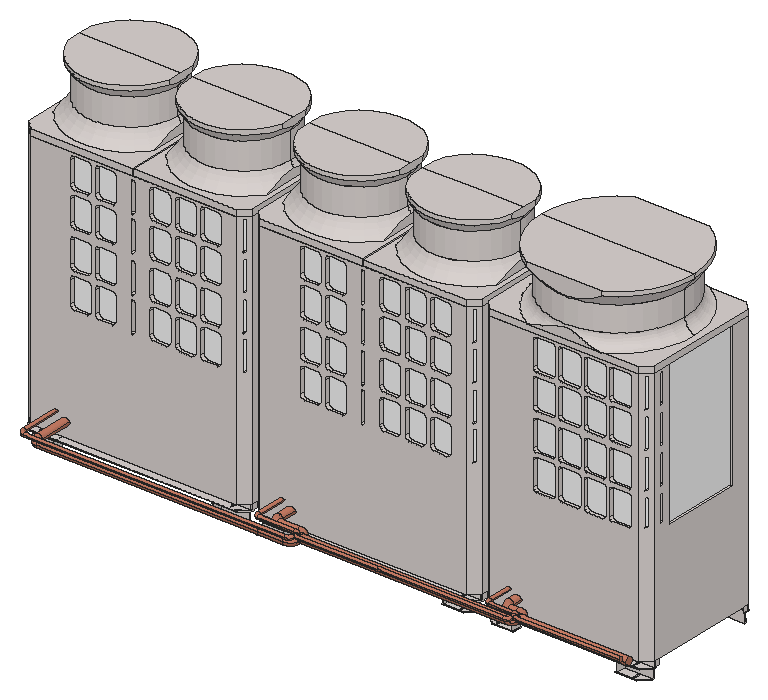
Revit family "PUHY-P950YSNW-A1", category Mechanical Equipment, Revit 2016 (continued)
Definition of nested family "PUHY-P350YNW-A1"
  Dimensions and locks
    Extrusion 20 sketch curve to Extrusion 20 sketch curve = 116.800 mm
    Extrusion 20 sketch curve to Extrusion 20 sketch curve = 170.800 mm
    Extrusion 21 sketch curve to Extrusion 21 sketch curve = 116.800 mm
    Extrusion 21 sketch curve to Extrusion 21 sketch curve = 170.800 mm
    plane 3 "Center (Left/Right)" to cut or joined group 1 (Extrusion 1, Extrusion 2, Extrusion 3, Extrusion 4, Extrusion 5, Extrusion 6, Extrusion 7, Extrusion 8, Extrusion 9, Extrusion 10, Extrusion 11, Extrusion 12, Extrusion 13, Extrusion 14, Extrusion 15, Extrusion 16, Extrusion 17, Extrusion 18, Extrusion 19, Extrusion 20, Extrusion 21, Extrusion 22, Extrusion 23, Extrusion 24, Extrusion 25, Extrusion 26, Extrusion 27, Extrusion 28, Extrusion 29, Extrusion 30, Extrusion 31, Extrusion 32, Extrusion 33) = 620.000 mm
    cut or joined group 1 to plane 3 "Center (Left/Right)" = 620.000 mm
    Extrusion 1 sketch curve to Extrusion 1 sketch curve = 1240.000 mm
    cut or joined group 1 to plane 8 = 185.000 mm
    cut or joined group 1 to plane 7 = 166.000 mm
    cut or joined group 1 to plane 6 = 110.000 mm
    cut or joined group 1 to plane 12 to cut or joined group 1 = 805.000 mm, 621.000 mm
    plane 5 to plane 2 = 1858.000 mm  (x2)
    cut or joined group 1 to plane 19 "132" = 132.000 mm
    cut or joined group 1 to plane 22 = 207.000 mm
    cut or joined group 1 to plane 23 = 256.000 mm
    cut or joined group 1 to plane 6 = 60.000 mm
    cut or joined group 1 to cut or joined group 1 = 42.154 mm
    cut or joined group 1 to cut or joined group 1 = 11.895 mm
    nested 1 to nested 3 to level = 1798.000 mm, 60.000 mm
    nested 1 to nested 1 = 303.000 mm
    nested 1 to nested 3 = 1495.000 mm
    nested 8 to nested 8 to nested 8 to nested 7 to nested 7 to nested 7 = 54.000 mm, 20.000 mm, 592.000 mm, 20.000 mm, 54.000 mm
    nested 3 to nested 3 = 56.000 mm
    plane 11 to plane 31 to plane 32 to cut or joined group 1 = 90.000 mm, 1060.000 mm, 90.000 mm
    curve 103 to nested 7 = 90.000 mm
    curve 104 to nested 7 = 125.000 mm
    curve 101 to nested 7 = 100.000 mm
    curve 11 to curve 13 to nested 7 = 84.000 mm, 71.000 mm
    cut or joined group 1 to curve 12 to curve 14 = 125.000 mm, 148.000 mm
    nested 2 to nested 7 = 1495.000 mm
    curve 87 to cut or joined group 1 = 152.000 mm
    curve 88 to cut or joined group 1 = 172.000 mm
    curve 89 to cut or joined group 1 = 216.000 mm
    cut or joined group 1 to curve 4 to curve 2 = 128.000 mm, 150.000 mm
    cut or joined group 1 to curve 1 to curve 3 = 79.000 mm, 94.000 mm
    Extrusion 32 sketch curve to nested 7 = 116.000 mm
    cut or joined group 1 to Extrusion 32 sketch curve = 160.000 mm
    cut or joined group 1 to Extrusion 33 sketch curve = 243.000 mm
    Extrusion 33 sketch curve to nested 7 = 116.000 mm
    cut or joined group 1 to cut or joined group 1 = 740.000 mm
    plane 30 to plane 4 = 740.000 mm
    aligned and locked: level to plane 2
    aligned and locked: Extrusion 1 to plane 4
  Nested families
    nested 1: "FAN GUARD" at (-311.5, 2, 860), type "FAN GUARD"
      with WIDTH 870.000 mm
    nested 2: "FAN GUARD" at (311.5, 2, 860) x (-1, 0, 0) z (0, 0, 1), type "FAN GUARD"
      with WIDTH 870.000 mm
    nested 3: "ATTACHMENT LEG" at (-524, -349, 0), type "ATTACHMENT LEG"
    nested 4: "ATTACHMENT LEG" at (-524, 349, 0), type "ATTACHMENT LEG"
    nested 5: "ATTACHMENT LEG" at (524, -349, 0) x (-1, 0, 0) z (0, 0, 1), type "ATTACHMENT LEG"
    nested 6: "ATTACHMENT LEG" at (524, 349, 0) x (-1, 0, 0) z (0, 0, 1), type "ATTACHMENT LEG"
    nested 7: "BASE LEG_L_" at (0, -352, 60), type "BASE LEG_L_"
      with Width 1240.000 mm
    nested 8: "BASE LEG_L_" at (0, 352, 60), type "BASE LEG_L_"
      with Width 1240.000 mm
  Connectors
    piping at (-460, -191, 176), diameter 25.4, driven by "Liquid pipe_radius"
      settings: on cut or joined group 1, index 3, connector inside diameter 25.4 mm, connector length 0.000 mm, flow factor 0, pipe flow 0.0 L/s, pressure drop 0.0 Pa, fitting loss kfactor 0, connector angle 0.00°, fixture units 0, engagement length 0.000 mm, angle of deflection 0.00°, flow configuration 0, flow direction 0, fitting loss method 0, system type 22, joint type 0, gender type 0, connector reference index -1, connector utility 0, adjustable connector no, is connector primary yes, connector description "Refrigerant service valve<Liquid pipe>"
    piping at (-377, -191, 176), diameter 28.58, driven by "Gas pipe_radius"
      settings: on cut or joined group 1, index 4, connector inside diameter 28.58 mm, connector length 0.000 mm, flow factor 0, pipe flow 0.0 L/s, pressure drop 0.0 Pa, fitting loss kfactor 0, connector angle 0.00°, fixture units 0, engagement length 0.000 mm, angle of deflection 0.00°, flow configuration 0, flow direction 0, fitting loss method 0, system type 22, joint type 0, gender type 0, connector reference index -1, connector utility 0, adjustable connector no, is connector primary no, connector description "Refrigerant service valve<Gas>"
    electrical at (0, -370, 808)
      settings: on cut or joined group 1, index 5, voltage 0 V, apparent load 0 VA, apparent load phase1 0 VA, apparent load phase2 0 VA, apparent load phase3 0 VA, power factor 1, load classification none, number of poles 1, system type 30, power factor state 1, is connector primary yes, connector utility no, sub classification motor no, connector description ""
  Definition of nested family "FAN GUARD"
    Parameters
      WIDTH [instance] = 870.000 mm
    Reference planes
      plane 1 "中心(正面/背面)": y = -2
      plane 2: z = 0
      plane 3 "ファンガード基準面": z = 661
      plane 4: y = 368
      plane 5: x = 366
      plane 6: x = -375
      plane 7 "ファンガード基準上面": z = 695
      plane 8 "ファンガード上面": z = 998
      plane 9: x = -273.971
      plane 10: x = 308.5
      plane 11: x = -308.5
      plane 12: x = 0
    Forms (mm)
      Extrusion 1, solid
        sketch origin (85, 0, 661) x (-1, 0, 0) y (0, -1, 0)
          loop
            line (343.5, -368) -> (393.5, -318) -> (393.5, 322) -> (343.5, 372) -> (-223.5, 372) -> (-223.5, -368) -> (343.5, -368)
        from 0 to 34
      Revolve 2, solid
        sketch origin (0, -2, 0) x (1, 0, 0) y (0, 0, 1)
          loop
            line (0, 695) -> (0, 998) -> (-290, 998) -> (-290, 972.327) -> (-260, 928.372) -> (-260, 777.384)
            arc (-260, 777.384) -> (-290.651, 730.137) -> (-334.665, 695) r 175.882
            line (-334.665, 695) -> (0, 695)
          axis (0, 998) -> (0, 695)
        angle from 0 to 360
      Extrusion 3, void
        sketch origin (-840, 75, 695) x (-1, 0, 0) y (0, -1, 0)
          loop
            line (-410, -165) -> (-410, 315) -> (-561.253, 315) -> (-561.253, -165) -> (-410, -165)
        from -35 to 430.592
      Extrusion 4, void
        sketch origin (840, 75, 695) x (1, 0, 0) y (0, 1, 0)
          loop
            line (-410, 165) -> (-561.253, 165) -> (-561.253, -315) -> (-410, -315) -> (-410, 165)
        from 0 to 430.592
    Cuts and joins
      Extrusion 3, Extrusion 4 cuts Revolve 2
      Extrusion 4 cuts Extrusion 1
    Lines and regions (mm)
      model lines
        curve 1: line (-278.747, 0, 998) -> (-80, 0, 998)
        curve 2: line (80, 0, 998) -> (278.747, 0, 998)
        curve 3: circle (0, 0, 998) r 80 normal (0, 0, 1)
        curve 4: line (-278.747, -80, 998) -> (278.747, -80, 998)
        curve 5: line (-241.868, -160, 998) -> (241.868, -160, 998)
        curve 6: line (-162.788, -240, 998) -> (162.788, -240, 998)
        curve 7: line (-278.747, 80, 998) -> (278.747, 80, 998)
        curve 8: line (-241.868, 160, 998) -> (240, 160, 998)
        curve 9: line (-160, 240, 998) -> (162.788, 240, 998)
        curve 10: line (0, 290, 998) -> (0, -290, 998)
        curve 11: line (-20, 289.31, 998) -> (-20, -289.31, 998)
        curve 12: line (-40, 287.228, 998) -> (-40, -287.228, 998)
        curve 13: line (-60, 283.725, 998) -> (-60, -283.725, 998)
        curve 14: line (-80, 278.747, 998) -> (-80, -278.747, 998)
        curve 15: line (20, 289.31, 998) -> (20, -289.31, 998)
        curve 16: line (40, 287.228, 998) -> (40, -287.228, 998)
        curve 17: line (60, 283.725, 998) -> (60, -283.725, 998)
        curve 18: line (80, 278.747, 998) -> (80, -278.747, 998)
        curve 19: line (100, 272.213, 998) -> (100, -272.213, 998)
        curve 20: line (120, 264.008, 998) -> (120, -264.008, 998)
        curve 21: line (140, 253.969, 998) -> (140, -253.969, 998)
        curve 22: line (160, 241.868, 998) -> (160, -243.132, 998)
        curve 23: line (180, 227.376, 998) -> (180, -227.624, 998)
        curve 24: line (200, 210, 998) -> (200, -210, 998)
        curve 25: line (220, 188.944, 998) -> (220, -188.944, 998)
        curve 26: line (240, 160, 998) -> (240, -162.788, 998)
        curve 27: line (260, 128.452, 998) -> (260, -128.452, 998)
        curve 28: line (-100, 272.213, 998) -> (-100, -272.213, 998)
        curve 29: line (-120, 264.008, 998) -> (-120, -264.008, 998)
        curve 30: line (-140, 253.969, 998) -> (-140, -253.969, 998)
        curve 31: line (-160, 240, 998) -> (-160, -241.868, 998)
        curve 32: line (-180, 227.376, 998) -> (-180, -227.376, 998)
        curve 33: line (-200, 210, 998) -> (-200, -210, 998)
        curve 34: line (-220, 188.944, 998) -> (-220, -188.944, 998)
        curve 35: line (-240, 162.788, 998) -> (-240, -162.788, 998)
        curve 36: line (-260, 128.452, 998) -> (-260, -128.452, 998)
        curve 37: line (10, 79.373, 998) -> (10, -79.373, 998)
        curve 38: line (-10, 79.373, 998) -> (-10, -79.373, 998)
        curve 39: line (30, 74.162, 998) -> (30, -74.162, 998)
        curve 40: line (50, 62.45, 998) -> (50, -62.45, 998)
        curve 41: line (70, 38.73, 998) -> (70, -38.73, 998)
        curve 42: line (-30, 74.162, 998) -> (-30, -74.162, 998)
        curve 43: line (-50, 62.45, 998) -> (-50, -62.45, 998)
        curve 44: line (-70, 38.73, 998) -> (-70, -38.73, 998)
    Dimensions and locks
      locked: plane 8 "ファンガード上面" to plane 7 "ファンガード基準上面" at 303
      plane 8 "ファンガード上面" to plane 3 "ファンガード基準面" = 337.000 mm
      Revolve 2 sketch curve to Revolve 2 sketch curve = 290.000 mm
      Extrusion 1 sketch curve to Extrusion 1 sketch curve = 740.000 mm
      equal spacing: Extrusion 1 sketch curve, plane 1 "中心(正面/背面)", Extrusion 1 sketch curve
      plane 6 to plane 5 = 741.000 mm
      Extrusion 1 sketch curve to Extrusion 1 sketch curve = 617.000 mm
      plane 11 to plane 10 = 617.000 mm
      cut or joined group of Extrusion 1, Extrusion 4 to cut or joined group of Extrusion 1, Extrusion 4 = 617.000 mm
      cut or joined group of Extrusion 1, Extrusion 4 to cut or joined group of Extrusion 1, Extrusion 4 = 740.000 mm
      aligned and locked: level to plane 2
      aligned and locked: plane 7 "ファンガード基準上面" to Extrusion 1
      aligned and locked: plane 3 "ファンガード基準面" to Extrusion 1
      aligned and locked: cut or joined group of Revolve 2, Extrusion 3, Extrusion 4 to plane 8 "ファンガード上面"
  Definition of nested family "ATTACHMENT LEG"
    Parameters
      Width = 145.000 mm
    Reference planes
      plane 1: z = 0
      plane 2 "中心(左/右)": x = -6
      plane 3: x = -52
      plane 4: x = 85
      plane 5: x = 93
      plane 6: y = -21
      plane 7: y = 27
      plane 8: x = -30
      plane 9: y = 39
      plane 10: z = 60
      plane 11: z = 57
      plane 12: z = 3
      plane 13: x = 82
      plane 14: y = 36
      plane 15: x = -75
      plane 16: y = 31
      plane 17 "幅": x = 93
      plane 18: y = 2.5
      plane 19: y = 21
      plane 20: y = -10
    Forms (mm)
      Extrusion 1, solid
        sketch origin (0, -1, 0) x (1, 0, 0) y (0, 1, 0)
          loop
            line (-75, 36) -> (-75, 27) -> (-28, -20) -> (93, -20) -> (93, 32) -> (85, 32) -> (85, 36) -> (-75, 36)
        from 0 to 60
      Extrusion 2, void
        sketch origin (0, -3, 0) x (1, 0, 0) y (0, 0, 1)
          loop
            line (-75, 57) -> (-75, 3) -> (82, 3) -> (82, 57) -> (-75, 57)
          loop
            line (93, 57) -> (85, 57) -> (85, 3) -> (93, 3) -> (93, 57)
        from -35 to 18
      Extrusion 3, void
        sketch origin (-6, 5.5, 0) x (1, 0, 0) y (0, 1, 0)
          loop
            arc (-7, -8.5) -> (0, -15.5) -> (7, -8.5) r 7
            line (7, -8.5) -> (7, 8.5)
            arc (7, 8.5) -> (0, 15.5) -> (-7, 8.5) r 7
            line (-7, 8.5) -> (-7, -8.5)
        from 0 to 60
    Cuts and joins
      Extrusion 2, Extrusion 3 cuts Extrusion 1
    Dimensions and locks
      locked: plane 3 to plane 4 at 137
      locked: plane 3 to plane 5 at 145
      plane 6 to plane 7 = 48.000 mm
      locked: plane 10 to level at 60
      Extrusion 3 sketch curve to plane 2 "中心(左/右)" = 7.000 mm
      locked: plane 15 to plane 2 "中心(左/右)" at 69
      locked: plane 15 to plane 8 at 45
      locked: plane 6 to plane 18 at 23.5
      cut or joined group of Extrusion 1, Extrusion 2, Extrusion 3 to cut or joined group of Extrusion 1, Extrusion 2, Extrusion 3 = 168.000 mm
      cut or joined group of Extrusion 1, Extrusion 2, Extrusion 3 to cut or joined group of Extrusion 1, Extrusion 2, Extrusion 3 = 56.000 mm  (x2)
      plane 14 to plane 6 = 57.000 mm
      aligned and locked: level to plane 1
      aligned and locked: Extrusion 1 sketch curve to plane 4
      aligned and locked: Extrusion 1 sketch curve to plane 5
      aligned: plane 8 to Extrusion 1 sketch curve
      aligned and locked: plane 10 to Extrusion 1
      aligned and locked: Extrusion 2 sketch curve to plane 11
      aligned: plane 3 to Extrusion 2 sketch curve
      aligned and locked: plane 12 to Extrusion 2 sketch curve
      aligned and locked: Extrusion 2 sketch curve to plane 13
      aligned and locked: plane 6 to Extrusion 2
      aligned and locked: plane 11 to Extrusion 2 sketch curve
      aligned and locked: plane 5 to Extrusion 2 sketch curve
      aligned and locked: Extrusion 2 sketch curve to plane 12
      aligned and locked: Extrusion 2 sketch curve to plane 4
      aligned and locked: plane 15 to Extrusion 1 sketch curve
      aligned and locked: Extrusion 2 sketch curve to cut or joined group of Extrusion 1, Extrusion 2, Extrusion 3
      aligned and locked: Extrusion 1 to plane 16
  Definition of nested family "BASE LEG_L_"
    Parameters
      Width [instance] = 1240.000 mm
    Reference planes
      plane 1 "中心(正面/背面)": y = 0
      plane 2: z = 0
      plane 3 "中心(左/右)": x = 0
      plane 4: x = 620
      plane 5: x = -620
      plane 6: x = -530
      plane 7: x = 530
      plane 8: y = -18
      plane 9: y = 39
      plane 10: z = 53
      plane 11: y = 42
      plane 12: y = 27
      plane 13: x = 575
      plane 14: x = -575
      plane 15: z = 8
      plane 16: y = 11.5
      plane 17: z = 35
    Forms (mm)
      Extrusion 1, solid
        sketch origin (0, 0, 0) x (0, 1, 0) y (0, 0, 1)
          loop
            line (-18, 0) -> (36, 0) -> (36, 32) -> (56, 32) -> (56, 35) -> (33, 35) -> (33, 3) -> (-18, 3) -> (-18, 0)
        from -620 to 620
      Extrusion 2, void
        sketch origin (0, 0, 0) x (1, 0, 0) y (0, 1, 0)
          loop
            line (575, -18) -> (620, -18) -> (620, 27) -> (575, -18)
          loop
            line (-575, -18) -> (-620, 27) -> (-620, -18) -> (-575, -18)
        from 0 to 250
      Extrusion 3, void
        sketch origin (0, 12.023, 0) x (1, 0, 0) y (0, 1, 0)
          loop
            arc (523, -2.971) -> (530, -9.971) -> (537, -2.971) r 7
            line (537, -2.971) -> (537, 3.023)
            arc (537, 3.023) -> (530, 10.023) -> (523, 3.023) r 7
            line (523, 3.023) -> (523, -2.971)
          loop
            line (-523, -2.971) -> (-523, 3.023)
            arc (-523, 3.023) -> (-530, 10.023) -> (-537, 3.023) r 7
            line (-537, 3.023) -> (-537, -2.971)
            arc (-537, -2.971) -> (-530, -9.971) -> (-523, -2.971) r 7
        from 0 to 250
      Extrusion 4, solid
        sketch origin (0, 0, -3) x (1, 0, 0) y (0, 0, 1)
          loop
            line (617, 8) -> (620, 8) -> (620, 35) -> (617, 35) -> (617, 8)
          loop
            line (-617, 8) -> (-617, 35) -> (-620, 35) -> (-620, 8) -> (-617, 8)
        from -36 to -56
      Extrusion 5, solid
        sketch origin (150, 352, 0) x (1, 0, 0) y (0, 1, 0)
          loop
            line (460, -319) -> (455, -319) -> (455, -320) -> (405, -370) -> (410, -370) -> (460, -320) -> (460, -319)
        from 3 to 35
      Extrusion 6, void
        sketch origin (560, -18, 0) x (0.707107, 0.707107, 0) y (0, 0, 1)
          loop
            line (70.711, 3) -> (-6.741, 39.767) -> (-6.741, 3) -> (70.711, 3)
        from -190.256 to 23.776
      Extrusion 7, solid
        sketch origin (-150, 352, 0) x (-1, 0, 0) y (0, -1, 0)
          loop
            line (460, 319) -> (460, 320) -> (410, 370) -> (405, 370) -> (455, 320) -> (455, 319) -> (460, 319)
        from 3 to 35
      Extrusion 8, void
        sketch origin (-560, -18, 0) x (0.707107, -0.707107, 0) y (0, 0, -1)
          loop
            line (-70.711, -3) -> (0, -35) -> (6.741, -35) -> (6.741, -3) -> (-70.711, -3)
        from -190.256 to 23.776
    Cuts and joins
      Extrusion 2, Extrusion 3 cuts Extrusion 1
      joined: Extrusion 1, Extrusion 4
      Extrusion 8 cuts Extrusion 7
      Extrusion 6 cuts Extrusion 5
    Dimensions and locks
      "Width": plane 5 to plane 4
      equal spacing: plane 5, plane 3 "中心(左/右)", plane 4
      locked: plane 5 to plane 6 at 90
      locked: plane 7 to plane 4 at 90
      locked: plane 8 to plane 9 at 57
      locked: plane 10 to level at 53
      locked: plane 9 to plane 11 at 3
      plane 8 to plane 12 = 45.000 mm
      locked: plane 13 to plane 4 at 45
      locked: plane 5 to plane 14 at 45
      equal spacing: Extrusion 3 sketch curve, plane 7, Extrusion 3 sketch curve
      equal spacing: Extrusion 3 sketch curve, plane 6, Extrusion 3 sketch curve
      locked: plane 10 to plane 15 at 45
      locked: cut or joined group of Extrusion 1, Extrusion 2, Extrusion 3, Extrusion 4 to Extrusion 4 sketch curve at 3  (x2)
      locked: plane 8 to plane 16 at 29.5
      plane 8 to plane 11 = 60.000 mm
      cut or joined group of Extrusion 1, Extrusion 2, Extrusion 3, Extrusion 4 to cut or joined group of Extrusion 1, Extrusion 2, Extrusion 3, Extrusion 4 = 35.000 mm
      aligned and locked: level to plane 2
      aligned and locked: plane 8 to Extrusion 1 sketch curve
      aligned and locked: plane 4 to Extrusion 1
      aligned and locked: Extrusion 1 to plane 5
      aligned and locked: Extrusion 2 sketch curve to plane 4
      aligned and locked: Extrusion 2 sketch curve to plane 8
      aligned and locked: plane 12 to Extrusion 2 sketch curve
      aligned and locked: plane 13 to Extrusion 2 sketch curve
      aligned and locked: plane 4 to Extrusion 4 sketch curve
      aligned and locked: plane 5 to Extrusion 4 sketch curve
      aligned and locked: cut or joined group of Extrusion 7, Extrusion 8 to cut or joined group of Extrusion 1, Extrusion 2, Extrusion 3, Extrusion 4
    Automatic sketch dimensions
      Extrusion 3 sketch curve to plane 1 "中心(正面/背面)" = 9.052 mm  (x2)
      Extrusion 3 sketch curve to plane 7 = 7.000 mm
      Extrusion 3 sketch curve to plane 1 "中心(正面/背面)" = 15.046 mm  (x2)
      Extrusion 3 sketch curve to plane 6 = 7.000 mm
      Extrusion 2 sketch curve to plane 5 = 0.000 mm
      plane 8 to Extrusion 2 sketch curve = 0.000 mm
      Extrusion 2 sketch curve to plane 14 = 0.000 mm
      plane 12 to Extrusion 2 sketch curve = 0.000 mm
      Extrusion 4 sketch curve to plane 10 = 21.000 mm
      plane 7 to Extrusion 5 sketch curve = 25.000 mm
      Extrusion 5 sketch curve to Extrusion 5 sketch curve = 5.000 mm  (x2)
      plane 7 to Extrusion 5 sketch curve = 75.000 mm
      plane 8 to Extrusion 5 sketch curve = 0.000 mm
      Extrusion 5 sketch curve to Extrusion 5 sketch curve = 50.000 mm
      Extrusion 5 sketch curve to Extrusion 5 sketch curve = 0.000 mm
      Extrusion 5 sketch curve to Extrusion 5 sketch curve = 1.000 mm
      Extrusion 6 sketch curve to Extrusion 5 = 0.000 mm  (x2)
      Extrusion 6 sketch curve to Extrusion 5 = 6.741 mm
      Extrusion 6 sketch curve to Extrusion 5 = 4.767 mm
      plane 6 to Extrusion 7 sketch curve = 25.000 mm
      Extrusion 7 sketch curve to Extrusion 7 sketch curve = 5.000 mm  (x2)
      Extrusion 7 sketch curve to Extrusion 7 sketch curve = 45.000 mm
      Extrusion 7 sketch curve to plane 8 = 0.000 mm
      Extrusion 7 sketch curve to Extrusion 7 sketch curve = 50.000 mm
      Extrusion 7 sketch curve to Extrusion 7 sketch curve = 0.000 mm
      Extrusion 7 sketch curve to Extrusion 7 sketch curve = 1.000 mm
      Extrusion 8 sketch curve to Extrusion 7 = 0.000 mm  (x2)
      Extrusion 7 to Extrusion 8 sketch curve = 0.000 mm  (x2)
      Extrusion 7 to Extrusion 8 sketch curve = 6.741 mm
      Extrusion 4 sketch curve to plane 17 = 3.000 mm
      Extrusion 4 sketch curve to plane 15 = 3.000 mm  (x2)
      Extrusion 1 sketch curve to plane 17 = 0.000 mm
      Extrusion 1 sketch curve to level = 0.000 mm
      level to Extrusion 1 sketch curve = 3.000 mm
      plane 9 to Extrusion 1 sketch curve = 6.000 mm
      plane 9 to Extrusion 1 sketch curve = 3.000 mm
      Extrusion 1 sketch curve to plane 17 = 3.000 mm
      Extrusion 1 sketch curve to plane 11 = 14.000 mm
Definition of nested family "PUHY-P250YNW-A1"
  Parameters
    Model = "PUHY-P250YNW-A"
    URL = "http://www.mitsubishielectric.com/"
    Manufacturer = "Mitsubishi Electric Corporation"
    Liquid pipe_radius = 4.760 mm
    Gas pipe_radius = 11.100 mm
  Reference planes
    plane 1 "Center (Front/Back)": y = 0
    plane 2: z = 0
    plane 3 "Center (Left/Right)": x = 0
    plane 4 "11": through (-415, 370, 1200) normal (0.7071, -0.7071, 0)
    plane 5 "22": through (-415, -370, 1200) normal (-0.7071, -0.7071, 0)
    plane 6 "44": through (460, 325, 1200) normal (-0.7071, -0.7071, 0)
    plane 7 "33": through (460, -325, 1200) normal (0.7071, -0.7071, 0)
    plane 8: z = 754.5
    plane 9: z = 909.5
    plane 10: x = -300
    plane 11: x = -217
    plane 12: y = 370
    plane 13: y = -370
    plane 14: x = -460
    plane 15: x = 460
  Forms (mm)
    Extrusion 1, solid
      sketch origin (0, 0, 113) x (-1, 0, 0) y (0, -1, 0)
        loop
          line (410, -370) -> (460, -320) -> (460, 320) -> (410, 370) -> (-410, 370) -> (-460, 320) -> (-460, -320) -> (-410, -370) -> (410, -370)
      from -18 to 1408
    Extrusion 2, void
      sketch origin (410, -370, 113) x (1, 0, 0) y (0, 0, -1)
        loop
          arc (-55, -1393.5) -> (-40.858, -1387.642) -> (-35, -1373.5) r 20
          line (-35, -1373.5) -> (-35, -1238.676)
          arc (-35, -1238.676) -> (-40.858, -1224.534) -> (-55, -1218.676) r 20
          line (-55, -1218.676) -> (-139.8, -1218.676)
          arc (-139.8, -1218.676) -> (-153.942, -1224.534) -> (-159.8, -1238.676) r 20
          line (-159.8, -1238.676) -> (-159.8, -1373.5)
          arc (-159.8, -1373.5) -> (-153.942, -1387.642) -> (-139.8, -1393.5) r 20
          line (-139.8, -1393.5) -> (-55, -1393.5)
      from 0 to 20
    Extrusion 3, void
      sketch origin (270, -370, 113) x (1, 0, 0) y (0, 0, -1)
        loop
          arc (-55, -1393.5) -> (-40.858, -1387.642) -> (-35, -1373.5) r 20
          line (-35, -1373.5) -> (-35, -1238.676)
          arc (-35, -1238.676) -> (-40.858, -1224.534) -> (-55, -1218.676) r 20
          line (-55, -1218.676) -> (-139.8, -1218.676)
          arc (-139.8, -1218.676) -> (-153.942, -1224.534) -> (-159.8, -1238.676) r 20
          line (-159.8, -1238.676) -> (-159.8, -1373.5)
          arc (-159.8, -1373.5) -> (-153.942, -1387.642) -> (-139.8, -1393.5) r 20
          line (-139.8, -1393.5) -> (-55, -1393.5)
      from 0 to 20
    Extrusion 4, void
      sketch origin (130, -370, 113) x (1, 0, 0) y (0, 0, -1)
        loop
          arc (-55, -1393.5) -> (-40.858, -1387.642) -> (-35, -1373.5) r 20
          line (-35, -1373.5) -> (-35, -1238.676)
          arc (-35, -1238.676) -> (-40.858, -1224.534) -> (-55, -1218.676) r 20
          line (-55, -1218.676) -> (-139.8, -1218.676)
          arc (-139.8, -1218.676) -> (-153.942, -1224.534) -> (-159.8, -1238.676) r 20
          line (-159.8, -1238.676) -> (-159.8, -1373.5)
          arc (-159.8, -1373.5) -> (-153.942, -1387.642) -> (-139.8, -1393.5) r 20
          line (-139.8, -1393.5) -> (-55, -1393.5)
      from 0 to 20
    Extrusion 5, void
      sketch origin (-10, -370, 113) x (1, 0, 0) y (0, 0, -1)
        loop
          arc (-55, -1393.5) -> (-40.858, -1387.642) -> (-35, -1373.5) r 20
          line (-35, -1373.5) -> (-35, -1238.676)
          arc (-35, -1238.676) -> (-40.858, -1224.534) -> (-55, -1218.676) r 20
          line (-55, -1218.676) -> (-139.8, -1218.676)
          arc (-139.8, -1218.676) -> (-153.942, -1224.534) -> (-159.8, -1238.676) r 20
          line (-159.8, -1238.676) -> (-159.8, -1373.5)
          arc (-159.8, -1373.5) -> (-153.942, -1387.642) -> (-139.8, -1393.5) r 20
          line (-139.8, -1393.5) -> (-55, -1393.5)
      from 0 to 20
    Extrusion 6, void
      sketch origin (410, -370, -81) x (1, 0, 0) y (0, 0, -1)
        loop
          arc (-55, -1393.5) -> (-40.858, -1387.642) -> (-35, -1373.5) r 20
          line (-35, -1373.5) -> (-35, -1238.676)
          arc (-35, -1238.676) -> (-40.858, -1224.534) -> (-55, -1218.676) r 20
          line (-55, -1218.676) -> (-139.8, -1218.676)
          arc (-139.8, -1218.676) -> (-153.942, -1224.534) -> (-159.8, -1238.676) r 20
          line (-159.8, -1238.676) -> (-159.8, -1373.5)
          arc (-159.8, -1373.5) -> (-153.942, -1387.642) -> (-139.8, -1393.5) r 20
          line (-139.8, -1393.5) -> (-55, -1393.5)
      from 0 to 20
    Extrusion 7, void
      sketch origin (270, -370, -81) x (1, 0, 0) y (0, 0, -1)
        loop
          arc (-55, -1393.5) -> (-40.858, -1387.642) -> (-35, -1373.5) r 20
          line (-35, -1373.5) -> (-35, -1238.676)
          arc (-35, -1238.676) -> (-40.858, -1224.534) -> (-55, -1218.676) r 20
          line (-55, -1218.676) -> (-139.8, -1218.676)
          arc (-139.8, -1218.676) -> (-153.942, -1224.534) -> (-159.8, -1238.676) r 20
          line (-159.8, -1238.676) -> (-159.8, -1373.5)
          arc (-159.8, -1373.5) -> (-153.942, -1387.642) -> (-139.8, -1393.5) r 20
          line (-139.8, -1393.5) -> (-55, -1393.5)
      from 0 to 20
    Extrusion 8, void
      sketch origin (130, -370, -81) x (1, 0, 0) y (0, 0, -1)
        loop
          arc (-55, -1393.5) -> (-40.858, -1387.642) -> (-35, -1373.5) r 20
          line (-35, -1373.5) -> (-35, -1238.676)
          arc (-35, -1238.676) -> (-40.858, -1224.534) -> (-55, -1218.676) r 20
          line (-55, -1218.676) -> (-139.8, -1218.676)
          arc (-139.8, -1218.676) -> (-153.942, -1224.534) -> (-159.8, -1238.676) r 20
          line (-159.8, -1238.676) -> (-159.8, -1373.5)
          arc (-159.8, -1373.5) -> (-153.942, -1387.642) -> (-139.8, -1393.5) r 20
          line (-139.8, -1393.5) -> (-55, -1393.5)
      from 0 to 20
    Extrusion 9, void
      sketch origin (-10, -370, -81) x (1, 0, 0) y (0, 0, -1)
        loop
          arc (-55, -1393.5) -> (-40.858, -1387.642) -> (-35, -1373.5) r 20
          line (-35, -1373.5) -> (-35, -1238.676)
          arc (-35, -1238.676) -> (-40.858, -1224.534) -> (-55, -1218.676) r 20
          line (-55, -1218.676) -> (-139.8, -1218.676)
          arc (-139.8, -1218.676) -> (-153.942, -1224.534) -> (-159.8, -1238.676) r 20
          line (-159.8, -1238.676) -> (-159.8, -1373.5)
          arc (-159.8, -1373.5) -> (-153.942, -1387.642) -> (-139.8, -1393.5) r 20
          line (-139.8, -1393.5) -> (-55, -1393.5)
      from 0 to 20
    Extrusion 10, void
      sketch origin (410, -370, -287) x (1, 0, 0) y (0, 0, -1)
        loop
          arc (-55, -1393.5) -> (-40.858, -1387.642) -> (-35, -1373.5) r 20
          line (-35, -1373.5) -> (-35, -1238.676)
          arc (-35, -1238.676) -> (-40.858, -1224.534) -> (-55, -1218.676) r 20
          line (-55, -1218.676) -> (-139.8, -1218.676)
          arc (-139.8, -1218.676) -> (-153.942, -1224.534) -> (-159.8, -1238.676) r 20
          line (-159.8, -1238.676) -> (-159.8, -1373.5)
          arc (-159.8, -1373.5) -> (-153.942, -1387.642) -> (-139.8, -1393.5) r 20
          line (-139.8, -1393.5) -> (-55, -1393.5)
      from 0 to 20
    Extrusion 11, void
      sketch origin (270, -370, -287) x (1, 0, 0) y (0, 0, -1)
        loop
          arc (-55, -1393.5) -> (-40.858, -1387.642) -> (-35, -1373.5) r 20
          line (-35, -1373.5) -> (-35, -1238.676)
          arc (-35, -1238.676) -> (-40.858, -1224.534) -> (-55, -1218.676) r 20
          line (-55, -1218.676) -> (-139.8, -1218.676)
          arc (-139.8, -1218.676) -> (-153.942, -1224.534) -> (-159.8, -1238.676) r 20
          line (-159.8, -1238.676) -> (-159.8, -1373.5)
          arc (-159.8, -1373.5) -> (-153.942, -1387.642) -> (-139.8, -1393.5) r 20
          line (-139.8, -1393.5) -> (-55, -1393.5)
      from 0 to 20
    Extrusion 12, void
      sketch origin (130, -370, -287) x (1, 0, 0) y (0, 0, -1)
        loop
          arc (-55, -1393.5) -> (-40.858, -1387.642) -> (-35, -1373.5) r 20
          line (-35, -1373.5) -> (-35, -1238.676)
          arc (-35, -1238.676) -> (-40.858, -1224.534) -> (-55, -1218.676) r 20
          line (-55, -1218.676) -> (-139.8, -1218.676)
          arc (-139.8, -1218.676) -> (-153.942, -1224.534) -> (-159.8, -1238.676) r 20
          line (-159.8, -1238.676) -> (-159.8, -1373.5)
          arc (-159.8, -1373.5) -> (-153.942, -1387.642) -> (-139.8, -1393.5) r 20
          line (-139.8, -1393.5) -> (-55, -1393.5)
      from 0 to 20
    Extrusion 13, void
      sketch origin (-10, -370, -287) x (1, 0, 0) y (0, 0, -1)
        loop
          arc (-55, -1393.5) -> (-40.858, -1387.642) -> (-35, -1373.5) r 20
          line (-35, -1373.5) -> (-35, -1238.676)
          arc (-35, -1238.676) -> (-40.858, -1224.534) -> (-55, -1218.676) r 20
          line (-55, -1218.676) -> (-139.8, -1218.676)
          arc (-139.8, -1218.676) -> (-153.942, -1224.534) -> (-159.8, -1238.676) r 20
          line (-159.8, -1238.676) -> (-159.8, -1373.5)
          arc (-159.8, -1373.5) -> (-153.942, -1387.642) -> (-139.8, -1393.5) r 20
          line (-139.8, -1393.5) -> (-55, -1393.5)
      from 0 to 20
    Extrusion 14, void
      sketch origin (410, -370, -481) x (1, 0, 0) y (0, 0, -1)
        loop
          arc (-55, -1393.5) -> (-40.858, -1387.642) -> (-35, -1373.5) r 20
          line (-35, -1373.5) -> (-35, -1238.676)
          arc (-35, -1238.676) -> (-40.858, -1224.534) -> (-55, -1218.676) r 20
          line (-55, -1218.676) -> (-139.8, -1218.676)
          arc (-139.8, -1218.676) -> (-153.942, -1224.534) -> (-159.8, -1238.676) r 20
          line (-159.8, -1238.676) -> (-159.8, -1373.5)
          arc (-159.8, -1373.5) -> (-153.942, -1387.642) -> (-139.8, -1393.5) r 20
          line (-139.8, -1393.5) -> (-55, -1393.5)
      from 0 to 20
    Extrusion 15, void
      sketch origin (270, -370, -481) x (1, 0, 0) y (0, 0, -1)
        loop
          arc (-55, -1393.5) -> (-40.858, -1387.642) -> (-35, -1373.5) r 20
          line (-35, -1373.5) -> (-35, -1238.676)
          arc (-35, -1238.676) -> (-40.858, -1224.534) -> (-55, -1218.676) r 20
          line (-55, -1218.676) -> (-139.8, -1218.676)
          arc (-139.8, -1218.676) -> (-153.942, -1224.534) -> (-159.8, -1238.676) r 20
          line (-159.8, -1238.676) -> (-159.8, -1373.5)
          arc (-159.8, -1373.5) -> (-153.942, -1387.642) -> (-139.8, -1393.5) r 20
          line (-139.8, -1393.5) -> (-55, -1393.5)
      from 0 to 20
    Extrusion 16, void
      sketch origin (130, -370, -481) x (1, 0, 0) y (0, 0, -1)
        loop
          arc (-55, -1393.5) -> (-40.858, -1387.642) -> (-35, -1373.5) r 20
          line (-35, -1373.5) -> (-35, -1238.676)
          arc (-35, -1238.676) -> (-40.858, -1224.534) -> (-55, -1218.676) r 20
          line (-55, -1218.676) -> (-139.8, -1218.676)
          arc (-139.8, -1218.676) -> (-153.942, -1224.534) -> (-159.8, -1238.676) r 20
          line (-159.8, -1238.676) -> (-159.8, -1373.5)
          arc (-159.8, -1373.5) -> (-153.942, -1387.642) -> (-139.8, -1393.5) r 20
          line (-139.8, -1393.5) -> (-55, -1393.5)
      from 0 to 20
    Extrusion 17, void
      sketch origin (-10, -370, -481) x (1, 0, 0) y (0, 0, -1)
        loop
          arc (-55, -1393.5) -> (-40.858, -1387.642) -> (-35, -1373.5) r 20
          line (-35, -1373.5) -> (-35, -1238.676)
          arc (-35, -1238.676) -> (-40.858, -1224.534) -> (-55, -1218.676) r 20
          line (-55, -1218.676) -> (-139.8, -1218.676)
          arc (-139.8, -1218.676) -> (-153.942, -1224.534) -> (-159.8, -1238.676) r 20
          line (-159.8, -1238.676) -> (-159.8, -1373.5)
          arc (-159.8, -1373.5) -> (-153.942, -1387.642) -> (-139.8, -1393.5) r 20
          line (-139.8, -1393.5) -> (-55, -1393.5)
      from 0 to 20
    Extrusion 18, solid
      sketch origin (0, -189, -3) x (0, 0, -1) y (-1, 0, 0)
        loop
          circle (-179, 217) r 11.1
      from 0 to 150
    Extrusion 19, solid
      sketch origin (0, -172, -3) x (0, 0, -1) y (-1, 0, 0)
        loop
          circle (-179, 300) r 4.76
      from 0 to 150
    Extrusion 20, void
      sketch origin (-460, -320, 113) x (0, -1, 0) y (0, 0, -1)
        loop
          line (-611.5, -1236.511) -> (-611.5, -1386.5)
          arc (-611.5, -1386.5) -> (-601.5, -1396.5) -> (-591.5, -1386.5) r 10
          line (-591.5, -1386.5) -> (-591.5, -1236.511)
          arc (-591.5, -1236.511) -> (-601.5, -1226.511) -> (-611.5, -1236.511) r 10
      from 0 to 20
    Extrusion 21, void
      sketch origin (-460, -320, -87.006) x (0, -1, 0) y (0, 0, -1)
        loop
          line (-611.5, -1236.511) -> (-611.5, -1386.5)
          arc (-611.5, -1386.5) -> (-601.5, -1396.5) -> (-591.5, -1386.5) r 10
          line (-591.5, -1386.5) -> (-591.5, -1236.511)
          arc (-591.5, -1236.511) -> (-601.5, -1226.511) -> (-611.5, -1236.511) r 10
      from 0 to 20
    Extrusion 22, void
      sketch origin (-460, -320, -287.006) x (0, -1, 0) y (0, 0, -1)
        loop
          line (-611.5, -1236.511) -> (-611.5, -1386.5)
          arc (-611.5, -1386.5) -> (-601.5, -1396.5) -> (-591.5, -1386.5) r 10
          line (-591.5, -1386.5) -> (-591.5, -1236.511)
          arc (-591.5, -1236.511) -> (-601.5, -1226.511) -> (-611.5, -1236.511) r 10
      from 0 to 20
    Extrusion 23, void
      sketch origin (-460, -320, -479.506) x (0, -1, 0) y (0, 0, -1)
        loop
          line (-611.5, -1244.006) -> (-611.5, -1379.006)
          arc (-611.5, -1379.006) -> (-601.5, -1389.006) -> (-591.5, -1379.006) r 10
          line (-591.5, -1379.006) -> (-591.5, -1244.006)
          arc (-591.5, -1244.006) -> (-601.5, -1234.006) -> (-611.5, -1244.006) r 10
      from 0 to 20
    Extrusion 24, void
      sketch origin (-460, -320, 113) x (0, -1, 0) y (0, 0, -1)
        loop
          line (-543, -1408) -> (-215, -1408) -> (-215, -632) -> (-543, -632) -> (-543, -1408)
      from 0 to 20
    Extrusion 25, void
      sketch origin (-410, 370, 113) x (0.707107, 0.707107, 0) y (0, 0, 1)
        loop
          line (-27.158, 1236.539) -> (-27.158, 1386.461)
          arc (-27.158, 1386.461) -> (-37.158, 1396.461) -> (-47.158, 1386.461) r 10
          line (-47.158, 1386.461) -> (-47.158, 1236.539)
          arc (-47.158, 1236.539) -> (-37.158, 1226.539) -> (-27.158, 1236.539) r 10
        loop
          line (-27.158, 1036.539) -> (-27.158, 1186.461)
          arc (-27.158, 1186.461) -> (-37.158, 1196.461) -> (-47.158, 1186.461) r 10
          line (-47.158, 1186.461) -> (-47.158, 1036.539)
          arc (-47.158, 1036.539) -> (-37.158, 1026.539) -> (-27.158, 1036.539) r 10
        loop
          line (-27.158, 836.539) -> (-27.158, 986.461)
          arc (-27.158, 986.461) -> (-37.158, 996.461) -> (-47.158, 986.461) r 10
          line (-47.158, 986.461) -> (-47.158, 836.539)
          arc (-47.158, 836.539) -> (-37.158, 826.539) -> (-27.158, 836.539) r 10
        loop
          line (-27.158, 652.5) -> (-27.158, 785.5)
          arc (-27.158, 785.5) -> (-37.158, 795.5) -> (-47.158, 785.5) r 10
          line (-47.158, 785.5) -> (-47.158, 652.5)
          arc (-47.158, 652.5) -> (-37.158, 642.5) -> (-27.158, 652.5) r 10
      from 0 to 20
    Extrusion 26, void
      sketch origin (460, -320, 113) x (0.707107, 0.707107, 0) y (0, 0, -1)
        loop
          arc (-25.5, -1236.423) -> (-35.5, -1226.423) -> (-45.5, -1236.423) r 10
          line (-45.5, -1236.423) -> (-45.5, -1386.487)
          arc (-45.5, -1386.487) -> (-35.5, -1396.487) -> (-25.5, -1386.487) r 10
          line (-25.5, -1386.487) -> (-25.5, -1236.423)
      from 0 to 20
    Extrusion 27, void
      sketch origin (460, -320, -86.884) x (0.707107, 0.707107, 0) y (0, 0, -1)
        loop
          arc (-25.5, -1236.423) -> (-35.5, -1226.423) -> (-45.5, -1236.423) r 10
          line (-45.5, -1236.423) -> (-45.5, -1386.487)
          arc (-45.5, -1386.487) -> (-35.5, -1396.487) -> (-25.5, -1386.487) r 10
          line (-25.5, -1386.487) -> (-25.5, -1236.423)
      from 0 to 20
    Extrusion 28, void
      sketch origin (460, -320, -286.884) x (0.707107, 0.707107, 0) y (0, 0, -1)
        loop
          arc (-25.5, -1236.423) -> (-35.5, -1226.423) -> (-45.5, -1236.423) r 10
          line (-45.5, -1236.423) -> (-45.5, -1386.487)
          arc (-45.5, -1386.487) -> (-35.5, -1396.487) -> (-25.5, -1386.487) r 10
          line (-25.5, -1386.487) -> (-25.5, -1236.423)
      from 0 to 20
    Extrusion 29, void
      sketch origin (460, -320, -487.987) x (0.707107, 0.707107, 0) y (0, 0, -1)
        loop
          arc (-25.5, -1253.487) -> (-35.5, -1243.487) -> (-45.5, -1253.487) r 10
          line (-45.5, -1253.487) -> (-45.5, -1386.487)
          arc (-45.5, -1386.487) -> (-35.5, -1396.487) -> (-25.5, -1386.487) r 10
          line (-25.5, -1386.487) -> (-25.5, -1253.487)
      from 0 to 20
    Extrusion 30, void
      sketch origin (460, 320, 113) x (0, 1, 0) y (0, 0, -1)
        loop
          line (-604, -1236.423) -> (-604, -1386.487)
          arc (-604, -1386.487) -> (-594, -1396.487) -> (-584, -1386.487) r 10
          line (-584, -1386.487) -> (-584, -1236.423)
          arc (-584, -1236.423) -> (-594, -1226.423) -> (-604, -1236.423) r 10
        loop
          line (-604, -1036.539) -> (-604, -1186.603)
          arc (-604, -1186.603) -> (-594, -1196.603) -> (-584, -1186.603) r 10
          line (-584, -1186.603) -> (-584, -1036.539)
          arc (-584, -1036.539) -> (-594, -1026.539) -> (-604, -1036.539) r 10
        loop
          line (-604, -836.539) -> (-604, -986.603)
          arc (-604, -986.603) -> (-594, -996.603) -> (-584, -986.603) r 10
          line (-584, -986.603) -> (-584, -836.539)
          arc (-584, -836.539) -> (-594, -826.539) -> (-604, -836.539) r 10
        loop
          line (-604, -652.5) -> (-604, -785.5)
          arc (-604, -785.5) -> (-594, -795.5) -> (-584, -785.5) r 10
          line (-584, -785.5) -> (-584, -652.5)
          arc (-584, -652.5) -> (-594, -642.5) -> (-604, -652.5) r 10
      from 0 to 20
    Extrusion 31, void
      sketch origin (460, 320, 113) x (0, 1, 0) y (0, 0, -1)
        loop
          line (-542, -1408) -> (-100, -1408) -> (-100, -611.5) -> (-542, -611.5) -> (-542, -1408)
      from 0 to 20
    Extrusion 32, void
      sketch origin (-410, 370, 113) x (-1, 0, 0) y (0, 0, -1)
        loop
          line (-718, -1408) -> (-47, -1408) -> (-47, -613) -> (-718, -613) -> (-718, -1408)
      from 0 to 20
  Cuts and joins
    Extrusion 2, Extrusion 3, Extrusion 4, Extrusion 5, Extrusion 6, Extrusion 7, Extrusion 8, Extrusion 9, Extrusion 10, Extrusion 11, Extrusion 12, Extrusion 13, Extrusion 14, Extrusion 15, Extrusion 16, Extrusion 17, Extrusion 20, Extrusion 21, Extrusion 22, Extrusion 23, Extrusion 24, Extrusion 25, Extrusion 26, Extrusion 27, Extrusion 28, Extrusion 29, Extrusion 30, Extrusion 31, Extrusion 32 cuts Extrusion 1
  Lines and regions (mm)
    model lines
      curve 1: line (-390, -370, 716) -> (390, -370, 716)
      curve 2: line (-390, -370, 1521) -> (-390, -370, 95)
      curve 3: line (390, -370, 1521) -> (390, -370, 95)
      curve 4: line (-172, -370, 95) -> (-172, -370, 207.5)
      curve 5: line (390, -370, 224.5) -> (199, -370, 224.5)
      curve 6: line (172, -370, 197.5) -> (172, -370, 95)
      curve 7: arc (-189, -370, 224.5) -> (-176.979, -370, 219.521) -> (-172, -370, 207.5) r 17
      curve 8: arc (199, -370, 224.5) -> (179.908, -370, 216.592) -> (172, -370, 197.5) r 27
      curve 9: line (-192, -291, 95) -> (-322, -291, 95)
      curve 10: line (-182, -207, 95) -> (-182, -281, 95)
      curve 11: line (-322, -197, 95) -> (-192, -197, 95)
      curve 12: line (-332, -281, 95) -> (-332, -207, 95)
      curve 13: arc (-332, -281, 95) -> (-329.071, -288.071, 95) -> (-322, -291, 95) r 10
      curve 14: arc (-192, -291, 95) -> (-184.929, -288.071, 95) -> (-182, -281, 95) r 10
      curve 15: arc (-182, -207, 95) -> (-184.929, -199.929, 95) -> (-192, -197, 95) r 10
      curve 16: arc (-322, -197, 95) -> (-329.071, -199.929, 95) -> (-332, -207, 95) r 10
      curve 25: line (-219, -370, 1521) -> (-219, -370, 716)
      curve 26: line (-189, -370, 224.5) -> (-390, -370, 224.5)
      curve 27: circle (308, -185, 95) r 26 normal (0, 0, 1)
      curve 28: circle (288, -260, 95) r 32.5 normal (0, 0, 1)
      curve 29: circle (244, -204, 95) r 17 normal (0, 0, 1)
      curve 30: line (-460, 243, 1521) -> (-460, 243, 95)
      curve 32: line (-460, 243, 705) -> (-460, -155, 705)
      curve 33: line (-460, -155, 95) -> (-460, -155, 1521)
      curve 34: line (-460, 223, 1521) -> (-460, 223, 705)
      curve 35: line (-460, -105, 1521) -> (-460, -105, 705)
      curve 36: line (-460, -95.983, 267.745) -> (-460, 184, 267.745)
      curve 37: line (-460, 184, 247.745) -> (-460, -95.983, 247.745)
      curve 38: arc (-460, -95.983, 247.745) -> (-460, -105.983, 257.745) -> (-460, -95.983, 267.745) r 10
      curve 39: arc (-460, 184, 267.745) -> (-460, 194, 257.745) -> (-460, 184, 247.745) r 10
      curve 40: line (-460, -95.983, 372.745) -> (-460, 184, 372.745)
      curve 41: line (-460, 184, 352.745) -> (-460, -95.983, 352.745)
      curve 42: arc (-460, -95.983, 352.745) -> (-460, -105.983, 362.745) -> (-460, -95.983, 372.745) r 10
      curve 43: arc (-460, 184, 372.745) -> (-460, 194, 362.745) -> (-460, 184, 352.745) r 10
      curve 44: line (-460, -95.983, 477.745) -> (-460, 184, 477.745)
      curve 45: line (-460, 184, 457.745) -> (-460, -95.983, 457.745)
      curve 46: arc (-460, -95.983, 457.745) -> (-460, -105.983, 467.745) -> (-460, -95.983, 477.745) r 10
      curve 47: arc (-460, 184, 477.745) -> (-460, 194, 467.745) -> (-460, 184, 457.745) r 10
      curve 48: line (-460, -95.983, 582.745) -> (-460, 184, 582.745)
      curve 49: line (-460, 184, 562.745) -> (-460, -95.983, 562.745)
      curve 50: arc (-460, -95.983, 562.745) -> (-460, -105.983, 572.745) -> (-460, -95.983, 582.745) r 10
      curve 51: arc (-460, 184, 582.745) -> (-460, 194, 572.745) -> (-460, 184, 562.745) r 10
      curve 52: line (-110, -370, 269) -> (110, -370, 269)
      curve 53: line (110, -370, 249) -> (-110, -370, 249)
      curve 54: arc (-120, -370, 259) -> (-117.071, -370, 266.071) -> (-110, -370, 269) r 10
      curve 55: arc (-110, -370, 249) -> (-117.071, -370, 251.929) -> (-120, -370, 259) r 10
      curve 56: arc (110, -370, 269) -> (117.071, -370, 266.071) -> (120, -370, 259) r 10
      curve 57: arc (120, -370, 259) -> (117.071, -370, 251.929) -> (110, -370, 249) r 10
      curve 58: line (-222.5, -370, 584) -> (222.5, -370, 584)
      curve 59: line (222.5, -370, 564) -> (-222.5, -370, 564)
      curve 60: arc (-222.5, -370, 584) -> (-229.571, -370, 581.071) -> (-232.5, -370, 574) r 10
